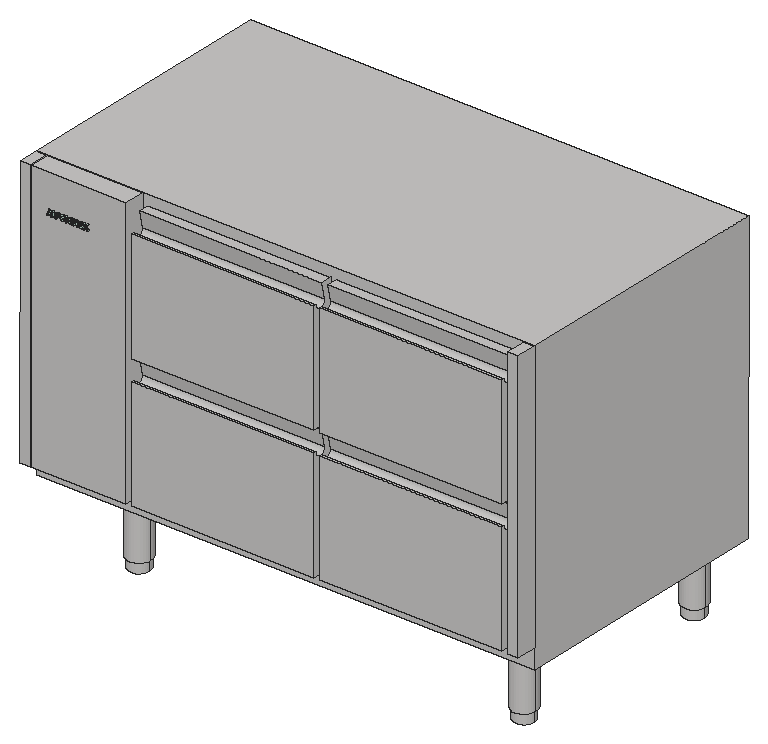
Revit family "QF_ALPENINOX_712835_AHR2RL", category Attrezzature speciali, Revit 2018
Family settings
  Quota connettore circolare = Usa diametro
  Tipo di parte = Normale
  Basato su piano di lavoro = No
  Sempre verticale = Sì
  Taglio con vuoti quando caricato = No
  Condiviso = No
  Punto di calcolo locali = No
Parameters (values of type "Standard")
  Weight = 111.00 kg
  Watts = 30 W
  Volts = 220 V
  URL Manufacturer = "http://www.alpeninox.com"
  URL = "http://www.alpeninox.com"
  Steam Supply Size = 0 mm
  Steam Supply Minimum Pressure = 0.0 Pa
  Steam Supply Maximum Pressure = 0.0 Pa
  Steam Consumption per Hour = 0
  Refrigeration Suction Line Size = 9.5 mm
  Refrigeration Liquid Line Size = 8 mm
  Refrigerant Compressor Remote = yes
  Produttore = "Alpeninox"
  Phase = 1
  Modello = "AHR2RL"
  Length Actual = 1203 mm  # constant formula
  Item Number = "712835"
  Hot Water Size = 0 mm
  Height Actual = 850 mm  # constant formula
  HP = "0 HP"
  Gas Size = 0 mm
  Gas KW = 0
  Gas Input Pressure = 0 W
  Direct Waste Size = 0 mm
  Descrizione = "REFR.COUNTER 290L 4x1/2DRW NOTOP REM CU_LFT GALV"
  Depth Actual = 700 mm  # constant formula
  Cycle = 50 Hz
  Condensate Return Size = 0 mm
  Compressed Air Volume = 0.0 L/s
  Compressed Air Size = 0 mm
  Compressed Air Pressure = 0.0 Pa
  Cold Water Size = 0 mm
  Accessory = yes
Types (2, lengths in mm): name | URL | Refrigeration Suction Line Size | Refrigeration Liquid Line Size | Produttore | Phase | Modello | Descrizione
  (no name) | 0 | 0 | 0 | 0 | 0 | 0 | 0
  Standard | "http://www.alpeninox.com" | 9.5 | 8 | "Alpeninox" | 1 | "AHR2RL" | "REFR.COUNTER 290L 4x1/2DRW NOTOP REM CU_LFT GALV"
Values of the unnamed type that differ from the named types
  Weight = 0.00 kg
  Watts = 0 W
  Volts = 0 V
  URL Manufacturer = ""
  Item Number = ""
  HP = ""
  Cycle = 0 Hz
Reference planes
  plane 1: z = 0
  plane 2 "Center (Left/Right)": x = -124.5
  plane 3 "Center (Front/Back)": y = 64.5
  plane 4 "FEET": z = 150
  plane 5 "TOP": z = 900
  plane 6 "PLAIN": z = 850
  plane 7 "EI_back": y = -116
  plane 8 "EI_left": x = -598
  plane 9 "BACK": y = 412
  plane 10 "FRONT": y = -283
  plane 11 "DOOR": y = -233
  plane 12 "LEFT": x = -726
  plane 13 "RIGHT": x = 477
  plane 14: x = -701
  plane 15: x = 452
  plane 16 "RO_left": x = -645
  plane 17 "RI_left": x = -620
  plane 18 "RO_back": y = 39
  plane 19 "RI_back": y = 39
  plane 20 "DRAINleft": x = -660
  plane 21 "DRAINback": y = 164
Forms (mm)
  Extrusion 1, solid, material "QF_Finishes_Stainless Steel"
    sketch origin (-1022.223, -1524, 150) x (-1, 0, 0) y (0, -1, 0)
      loop
        circle (-424.223, -1408) r 5
    from 0 to -40
  Extrusion 2, solid, material "QF_Finishes_Stainless Steel"
    sketch origin (-1022.223, -1524, 150) x (-1, 0, 0) y (0, -1, 0)
      loop
        line (-1474.223, -1291) -> (-1474.223, -1241) -> (-1499.223, -1241) -> (-1499.223, -1291) -> (-1474.223, -1291)
    from 48 to 700
  Extrusion 3, solid, material "QF_Finishes_Stainless Steel"
    sketch origin (-1022.223, -1524, 150) x (-1, 0, 0) y (0, -1, 0)
      loop
        circle (-377.223, -1563) r 4.25
    from 0 to -20
  Extrusion 4, solid, material "QF_Finishes_Stainless Steel"
    sketch origin (-1022.223, -1524, 150) x (-1, 0, 0) y (0, -1, 0)
      loop
        circle (-402.223, -1563) r 4
    from 0 to -20
  Extrusion 5, solid, material "QF_Finishes_Stainless Steel"
    sketch origin (-1022.223, -1524, 150) x (-1, 0, 0) y (0, -1, 0)
      loop
        circle (-362.223, -1688) r 8.5
    from 0 to -40
  Extrusion 6, solid, material "QF_Finishes_Stainless Steel"
    sketch origin (-1022.223, -1524, 150) x (-1, 0, 0) y (0, -1, 0)
      loop
        line (-296.223, -1936) -> (-296.223, -1291) -> (-1499.223, -1291) -> (-1499.223, -1936) -> (-296.223, -1936)
    from 0 to 700
  Extrusion 7, solid, material "QF_Finishes_Stainless Steel"
    sketch origin (773.223, -1524, 150) x (1, 0, 0) y (0, 1, 0)
      loop
        line (-1474.223, 1291) -> (-1499.223, 1291) -> (-1499.223, 1241) -> (-1474.223, 1241) -> (-1474.223, 1291)
    from 48 to 700
Lines and regions (mm)
  symbolic lines, style "SpecialityEquipmentHiddenLines"
    curve 1: line (-726, 412, 150) -> (477, 412, 150)
    curve 2: line (-726, -283, 150) -> (-726, 412, 150)
    curve 3: line (477, -283, 150) -> (-726, -283, 150)
    curve 4: line (477, 412, 150) -> (477, -283, 150)
    curve 5: line (-726, -233, 150) -> (477, -233, 150)
    curve 6: line (452, -233, 150) -> (452, -283, 150)
    curve 7: line (-701, -233, 150) -> (-701, -283, 150)
Dimensions and locks
  plane 4 "FEET" to level = 150 mm
  plane 11 "DOOR" to plane 10 "FRONT" = 50 mm
  plane 6 "PLAIN" to plane 4 "FEET" = 700 mm
  plane 5 "TOP" to plane 6 "PLAIN" = 50 mm
  plane 12 "LEFT" to plane 14 = 25 mm
  plane 15 to plane 13 "RIGHT" = 25 mm
  plane 9 "BACK" to plane 18 "RO_back" = 373 mm
  plane 9 "BACK" to plane 7 "EI_back" = 528 mm
  plane 9 "BACK" to plane 19 "RI_back" = 373 mm
  plane 9 "BACK" to plane 21 "DRAINback" = 248 mm
  plane 12 "LEFT" to plane 20 "DRAINleft" = 66 mm
  plane 12 "LEFT" to plane 8 "EI_left" = 128 mm
  plane 12 "LEFT" to plane 17 "RI_left" = 106 mm
  plane 12 "LEFT" to plane 16 "RO_left" = 81 mm
  plane 9 "BACK" to plane 10 "FRONT" = 695 mm
  equal spacing: plane 9 "BACK", plane 3 "Center (Front/Back)", plane 10 "FRONT"
  plane 12 "LEFT" to plane 13 "RIGHT" = 1203 mm
  equal spacing: plane 12 "LEFT", plane 2 "Center (Left/Right)", plane 13 "RIGHT"
  aligned and locked: level to plane 1
Automatic sketch dimensions
  Extrusion 1 sketch curve to plane 7 "EI_back" = 0 mm
  Extrusion 1 sketch curve to plane 8 "EI_left" = 0 mm
  Extrusion 2 sketch curve to plane 11 "DOOR" = 0 mm
  Extrusion 2 sketch curve to plane 13 "RIGHT" = 0 mm
  Extrusion 2 sketch curve to plane 10 "FRONT" = 0 mm
  Extrusion 2 sketch curve to plane 15 = 0 mm
  Extrusion 3 sketch curve to plane 16 "RO_left" = 0 mm
  Extrusion 3 sketch curve to plane 18 "RO_back" = 0 mm
  Extrusion 5 sketch curve to plane 20 "DRAINleft" = 0 mm
  Extrusion 5 sketch curve to plane 21 "DRAINback" = 0 mm
  Extrusion 6 sketch curve to plane 9 "BACK" = 0 mm
  Extrusion 6 sketch curve to plane 13 "RIGHT" = 0 mm
  Extrusion 6 sketch curve to plane 11 "DOOR" = 0 mm
  Extrusion 6 sketch curve to plane 12 "LEFT" = 0 mm
  curve 4 to plane 10 "FRONT" = 0 mm
  curve 4 to plane 13 "RIGHT" = 0 mm
  curve 6 to plane 11 "DOOR" = 0 mm
  curve 6 to plane 15 = 0 mm
  curve 7 to plane 14 = 0 mm
  curve 3 to plane 12 "LEFT" = 0 mm
  curve 1 to plane 9 "BACK" = 0 mm
  Extrusion 7 sketch curve to plane 11 "DOOR" = 0 mm
  Extrusion 7 sketch curve to plane 12 "LEFT" = 0 mm
  Extrusion 7 sketch curve to plane 10 "FRONT" = 0 mm
  Extrusion 7 sketch curve to plane 14 = 0 mm
  Extrusion 4 sketch curve to plane 17 "RI_left" = 0 mm
  Extrusion 4 sketch curve to plane 19 "RI_back" = 0 mm
  radius of Extrusion 1 sketch curve = 5 mm
  radius of Extrusion 3 sketch curve = 4.25 mm
  radius of Extrusion 5 sketch curve = 8.5 mm
  radius of Extrusion 4 sketch curve = 4 mm
Nested families
  nested 1: "HPP_Refrigerator" at (477, -283, 0), type "HPP_Refrigerator"
  nested 2: "HPP_FEET" at (-519, 331, 0), type "HPP_FEET"
  nested 3: "HPP_FEET" at (411, 331, 0), type "HPP_FEET"
  nested 4: "HPP_FEET" at (-519, -183, 0), type "HPP_FEET"
  nested 5: "HPP_FEET" at (411, -183, 0), type "HPP_FEET"
  nested 6: "HPP_APX_REM_TN_L" at (-506.58, -233, 598) x (1, 0, 0) z (0, -1, 0), type "HPP_APX_REM_TN_L"
    with Show Logo yes
  nested 7: "HPP_APX_HALF" at (-236, -233, 512) x (1, 0, 0) z (0, -1, 0), type "HPP_APX_HALF"
    with Show Clearance yes
  nested 8: "HPP_APX_HALF" at (218, -233, 512) x (1, 0, 0) z (0, -1, 0), type "HPP_APX_HALF"
    with Show Clearance yes
Connectors
  electrical at (-598, -116, 110), driven by "Volts"
    settings: on Extrusion 1, index 1, voltage 220 V, apparent load 0 VA, apparent load phase1 0 VA, apparent load phase2 0 VA, apparent load phase3 0 VA, power factor 1, load classification "Other", number of poles 1, system type 31, power factor state 1, is connector primary yes, connector utility no, sub classification motor no, connector description "Electrical Connection"
  piping at (-645, 39, 130), diameter 9.5, driven by "Refrigeration Suction Line Size"
    settings: on Extrusion 3, index 3, connector inside diameter 609.6 mm, connector length 0 mm, flow factor 0, pipe flow 0.0 L/s, pressure drop 0.0 Pa, fitting loss kfactor 0, connector angle 0.00°, fixture units 0, engagement length 0 mm, angle of deflection 0.00°, flow configuration 1, flow direction 2, fitting loss method 0, system type 8, joint type 0, gender type 0, connector reference index -1, connector utility 0, adjustable connector no, is connector primary yes, connector description "Refrigerant Outlet"
  piping at (-620, 39, 130), diameter 8, driven by "Refrigeration Liquid Line Size"
    settings: on Extrusion 4, index 4, connector inside diameter 609.6 mm, connector length 0 mm, flow factor 0, pipe flow 0.0 L/s, pressure drop 0.0 Pa, fitting loss kfactor 0, connector angle 0.00°, fixture units 0, engagement length 0 mm, angle of deflection 0.00°, flow configuration 1, flow direction 1, fitting loss method 0, system type 7, joint type 0, gender type 0, connector reference index -1, connector utility 0, adjustable connector no, is connector primary no, connector description "Refrigerant Inlet"
  piping at (-660, 164, 110), diameter 17
    settings: on Extrusion 5, index 5, connector inside diameter 609.6 mm, connector length 0 mm, flow factor 0, pipe flow 0.0 L/s, pressure drop 0.0 Pa, fitting loss kfactor 0, connector angle 0.00°, fixture units 0, engagement length 0 mm, angle of deflection 0.00°, flow configuration 1, flow direction 2, fitting loss method 0, system type 16, joint type 0, gender type 0, connector reference index -1, connector utility 0, adjustable connector no, is connector primary no, connector description "Drain"
Definition of nested family "HPP_FEET"
  Parameters
    FEET = 150 mm
  Reference planes
    plane 1 "Center (Front/Back)": y = 0
    plane 2: z = 0
    plane 3 "Center (Left/Right)": x = 0
    plane 4: z = 150
  Forms (mm)
    Revolve 1, solid
      sketch origin (255.05, 0, 608.09) x (0, 0, 1) y (-1, 0, 0)
        loop
          line (-608.09, 255.05) -> (-608.09, 230.05) -> (-583.09, 230.05) -> (-583.09, 226.05) -> (-458.09, 226.05) -> (-458.09, 255.05) -> (-608.09, 255.05)
        axis (-608.09, 255.05) -> (-458.09, 255.05)
      angle from 0 to 360
  Dimensions and locks
    locked: Revolve 1 sketch curve to Revolve 1 sketch curve at 125
    "FEET": plane 4 to plane 2
    aligned and locked: level to plane 2
    aligned and locked: plane 4 to Revolve 1 sketch curve
    aligned and locked: Revolve 1 sketch curve to level
    aligned and locked: plane 3 "Center (Left/Right)" to Revolve 1 sketch curve
  Automatic sketch dimensions
    Revolve 1 sketch curve to plane 3 "Center (Left/Right)" = 0 mm
    Revolve 1 sketch curve to Revolve 1 sketch curve = 25 mm
    Revolve 1 sketch curve to Revolve 1 sketch curve = 29 mm
    plane 4 to Revolve 1 sketch curve = 50 mm
    Revolve 1 sketch curve to Revolve 1 sketch curve = 20 mm
Definition of nested family "HPP_APX_REM_TN_L"
  Parameters
    Show Logo [instance] = yes
    Default Elevation = 1219.2 mm
  Reference planes
    plane 1 "Center (Front/Back)": y = -74
    plane 2: z = 0
    plane 3 "Center (Left/Right)": x = -78.92
    plane 4: x = -194.42
    plane 5: x = 36.58
    plane 6: y = 252
    plane 7: y = -400
  Forms (mm)
    Extrusion 1, solid
      sketch origin (0, 0, 0) x (1, 0, 0) y (0, 1, 0)
        loop
          line (-1219.2, 1219.2) -> (-1219.2, -1219.2) -> (1219.2, -1219.2) -> (1219.2, 1219.2) -> (-1219.2, 1219.2)
      from 0 to -304.8
    Extrusion 2, solid
      sketch origin (0, 0, 0) x (1, 0, 0) y (0, 1, 0)
        loop
          line (-194.42, 252) -> (-194.42, -400) -> (36.58, -400) -> (36.58, 252) -> (-194.42, 252)
      from 0 to 50
    Extrusion 3, solid
      sketch origin (18.272, 0.892, 0) x (1, 0, 0) y (0, 1, 0)
        loop
          line (-168.675, 170.349) -> (-172.411, 160.318)
          arc (-172.411, 160.318) -> (-171.624, 158.497) -> (-169.837, 159.36) r 1.374
          line (-169.837, 159.36) -> (-169.268, 161.111) -> (-164.1, 161.111) -> (-163.54, 159.379)
          arc (-163.54, 159.379) -> (-161.802, 158.542) -> (-161.049, 160.318) r 1.333
          line (-161.049, 160.318) -> (-164.694, 170.349)
          arc (-164.694, 170.349) -> (-166.685, 171.876) -> (-168.675, 170.349) r 2.06
        loop
          line (-166.681, 169.055) -> (-168.469, 163.655) -> (-164.935, 163.655) -> (-166.681, 169.055)
        loop
          arc (-159.705, 160.042) -> (-159.262, 158.973) -> (-158.194, 158.531) r 1.512
          line (-158.194, 158.531) -> (-153.608, 158.531)
          arc (-153.608, 158.531) -> (-152.337, 159.802) -> (-153.608, 161.074) r 1.272
          line (-153.608, 161.074) -> (-156.917, 161.074) -> (-156.917, 170.328)
          arc (-156.917, 170.328) -> (-158.311, 171.722) -> (-159.705, 170.328) r 1.394
          line (-159.705, 170.328) -> (-159.705, 160.042)
        loop
          line (-151.076, 170.218) -> (-151.076, 159.859)
          arc (-151.076, 159.859) -> (-149.683, 158.466) -> (-148.29, 159.859) r 1.393
          line (-148.29, 159.859) -> (-148.29, 162.882) -> (-146.225, 162.882)
          arc (-146.225, 162.882) -> (-142.999, 163.859) -> (-141.608, 166.928) r 4.082
          arc (-141.608, 166.928) -> (-142.993, 170.272) -> (-146.336, 171.657) r 4.728
          line (-146.336, 171.657) -> (-149.638, 171.657)
          arc (-149.638, 171.657) -> (-150.655, 171.235) -> (-151.076, 170.218) r 1.439
        loop
          line (-148.29, 165.313) -> (-146.388, 165.313)
          arc (-146.388, 165.313) -> (-144.433, 167.268) -> (-146.388, 169.222) r 1.955
          line (-146.388, 169.222) -> (-148.29, 169.222) -> (-148.29, 165.313)
        loop
          arc (-131.184, 166.332) -> (-132.004, 168.2) -> (-133.767, 169.228) r 3.3
          arc (-133.767, 169.228) -> (-136.353, 168.661) -> (-137.611, 166.332) r 3.176
          line (-137.611, 166.332) -> (-131.184, 166.332)
        loop
          line (-137.538, 163.743) -> (-130.544, 163.743)
          arc (-130.544, 163.743) -> (-129.292, 163.916) -> (-128.301, 164.701) r 2.4
          arc (-128.301, 164.701) -> (-128.155, 165.545) -> (-128.212, 166.399) r 3.635
          arc (-128.212, 166.399) -> (-130.364, 170.162) -> (-134.39, 171.769) r 6.579
          arc (-134.39, 171.769) -> (-138.918, 169.706) -> (-140.661, 165.044) r 6.501
          arc (-140.661, 165.044) -> (-139.276, 160.789) -> (-135.401, 158.549) r 6.252
          arc (-135.401, 158.549) -> (-132.922, 158.526) -> (-130.544, 159.232) r 8.361
          arc (-130.544, 159.232) -> (-129.466, 159.781) -> (-128.641, 160.666) r 3.486
          arc (-128.641, 160.666) -> (-128.419, 161.592) -> (-128.828, 162.451) r 1.425
          arc (-128.828, 162.451) -> (-129.368, 162.762) -> (-129.99, 162.762) r 1.203
          arc (-129.99, 162.762) -> (-130.406, 162.59) -> (-130.764, 162.316) r 1.724
          arc (-130.764, 162.316) -> (-131.666, 161.705) -> (-132.646, 161.229) r 7.6
          arc (-132.646, 161.229) -> (-135.676, 161.35) -> (-137.538, 163.743) r 3.6
        loop
          line (-126.669, 170.328) -> (-126.669, 159.859)
          arc (-126.669, 159.859) -> (-125.273, 158.463) -> (-123.878, 159.859) r 1.396
          line (-123.878, 159.859) -> (-123.878, 166.785) -> (-117.946, 159.029)
          arc (-117.946, 159.029) -> (-116.361, 158.51) -> (-115.379, 159.859) r 1.417
          line (-115.379, 159.859) -> (-115.379, 170.328)
          arc (-115.379, 170.328) -> (-116.774, 171.723) -> (-118.169, 170.328) r 1.395
          line (-118.169, 170.328) -> (-118.169, 163.311) -> (-124.101, 171.157)
          arc (-124.101, 171.157) -> (-125.687, 171.678) -> (-126.669, 170.328) r 1.418
        loop
          arc (-113.636, 159.859) -> (-112.241, 158.464) -> (-110.847, 159.859) r 1.394
          line (-110.847, 159.859) -> (-110.847, 170.328)
          arc (-110.847, 170.328) -> (-112.241, 171.723) -> (-113.636, 170.328) r 1.394
          line (-113.636, 170.328) -> (-113.636, 159.859)
        loop
          line (-109.102, 170.328) -> (-109.102, 159.859)
          arc (-109.102, 159.859) -> (-107.706, 158.463) -> (-106.31, 159.859) r 1.396
          line (-106.31, 159.859) -> (-106.31, 166.785) -> (-100.378, 159.029)
          arc (-100.378, 159.029) -> (-98.793, 158.51) -> (-97.812, 159.859) r 1.417
          line (-97.812, 159.859) -> (-97.812, 170.328)
          arc (-97.812, 170.328) -> (-99.207, 171.723) -> (-100.602, 170.328) r 1.395
          line (-100.602, 170.328) -> (-100.602, 163.311) -> (-106.533, 171.157)
          arc (-106.533, 171.157) -> (-108.119, 171.678) -> (-109.102, 170.328) r 1.418
        loop
          arc (-96.345, 165.093) -> (-95.619, 161.877) -> (-93.467, 159.379) r 6.806
          arc (-93.467, 159.379) -> (-91.792, 158.566) -> (-89.948, 158.31) r 5.956
          arc (-89.948, 158.31) -> (-88.104, 158.566) -> (-86.43, 159.379) r 5.956
          arc (-86.43, 159.379) -> (-84.277, 161.877) -> (-83.551, 165.093) r 6.806
          arc (-83.551, 165.093) -> (-84.277, 168.31) -> (-86.43, 170.808) r 6.806
          arc (-86.43, 170.808) -> (-88.104, 171.621) -> (-89.948, 171.877) r 5.956
          arc (-89.948, 171.877) -> (-91.792, 171.621) -> (-93.467, 170.808) r 5.956
          arc (-93.467, 170.808) -> (-95.619, 168.31) -> (-96.345, 165.093) r 6.806
        loop
          arc (-93.425, 165.093) -> (-93.138, 163.212) -> (-92.081, 161.629) r 4.387
          arc (-92.081, 161.629) -> (-91.087, 161.049) -> (-89.948, 160.881) r 3.035
          arc (-89.948, 160.881) -> (-88.809, 161.049) -> (-87.815, 161.629) r 3.035
          arc (-87.815, 161.629) -> (-86.759, 163.212) -> (-86.472, 165.093) r 4.387
          arc (-86.472, 165.093) -> (-86.759, 166.975) -> (-87.815, 168.558) r 4.387
          arc (-87.815, 168.558) -> (-88.809, 169.138) -> (-89.948, 169.306) r 3.035
          arc (-89.948, 169.306) -> (-91.087, 169.138) -> (-92.081, 168.558) r 3.035
          arc (-92.081, 168.558) -> (-93.138, 166.975) -> (-93.425, 165.093) r 4.387
        loop
          line (-82.843, 169.609) -> (-79.829, 165.552) -> (-83.513, 160.652)
          arc (-83.513, 160.652) -> (-83.216, 158.692) -> (-81.262, 159.029) r 1.388
          line (-81.262, 159.029) -> (-78.213, 163.232) -> (-75.164, 159.029)
          arc (-75.164, 159.029) -> (-73.211, 158.692) -> (-72.913, 160.652) r 1.388
          line (-72.913, 160.652) -> (-76.597, 165.552) -> (-73.584, 169.609)
          arc (-73.584, 169.609) -> (-73.952, 171.597) -> (-75.908, 171.084) r 1.38
          line (-75.908, 171.084) -> (-78.213, 167.841) -> (-80.519, 171.084)
          arc (-80.519, 171.084) -> (-82.474, 171.597) -> (-82.843, 169.609) r 1.38
      from 50 to 51.6
  Lines and regions (mm)
    Split face 1
      outline origin (0, 0, 50) x (1, 0, 0) y (0, 1, 0)
        loop
          line (36.58, 183) -> (-147.92, 183)
          arc (-147.92, 183) -> (-165.42, 165.5) -> (-147.92, 148) r 17.5
          line (-147.92, 148) -> (36.58, 148)
    Split face 2
      outline origin (12.5, 0, 50) x (1, 0, 0) y (0, 1, 0)
        loop
          line (-55.92, 177) -> (-55.92, 154) -> (14.08, 154) -> (14.08, 177) -> (-55.92, 177)
    Split face 3
      outline origin (12.5, 0, 50) x (1, 0, 0) y (0, 1, 0)
        loop
          line (-5.92, 174) -> (-5.92, 157) -> (11.08, 157) -> (11.08, 174) -> (-5.92, 174)
    Split face 4
      outline origin (0, 0, 50) x (1, 0, 0) y (0, 1, 0)
        loop
          line (-194.42, 188) -> (36.58, 188)
        loop
          line (-194.42, 143) -> (36.58, 143)
    symbolic lines
      curve 1: line (36.58, -74, 50) -> (36.58, -74, 0)
  Dimensions and locks
    equal spacing: plane 6, plane 1 "Center (Front/Back)", plane 7
    plane 4 to plane 5 = 231 mm
    equal spacing: plane 4, plane 3 "Center (Left/Right)", plane 5
    plane 6 to plane 7 = 652 mm
    aligned and locked: plane 2 to Extrusion 1
    aligned and locked: level to Extrusion 1
  Automatic sketch dimensions
    Extrusion 1 sketch curve to Extrusion 1 sketch curve = 2438.4 mm  (x2)
    Extrusion 2 sketch curve to plane 4 = 0 mm
    Extrusion 2 sketch curve to plane 5 = 0 mm
    Extrusion 2 sketch curve to plane 7 = 0 mm
    Extrusion 2 sketch curve to plane 6 = 0 mm
    Split face 1 sketch curve to Extrusion 2 = 0 mm  (x2)
    Split face 1 sketch curve to Extrusion 2 = 46.5 mm
    Split face 1 sketch curve to Extrusion 2 = 86.5 mm
    Split face 1 sketch curve to Split face 1 sketch curve = 17.5 mm
    Split face 2 sketch curve to Extrusion 2 = 80 mm
    Split face 2 sketch curve to Extrusion 2 = 10 mm
    Split face 2 sketch curve to Extrusion 2 = 98 mm
    Split face 2 sketch curve to Split face 2 sketch curve = 23 mm
    Split face 3 sketch curve to Extrusion 2 = 30 mm
    Split face 3 sketch curve to Split face 3 sketch curve = 17 mm  (x2)
    Split face 3 sketch curve to Extrusion 2 = 95 mm
    curve 1 to level = 0 mm
    curve 1 to plane 5 = 0 mm
    curve 1 to curve 1 = 50 mm
    plane 4 to Extrusion 3 sketch curve = 40.282 mm
    Extrusion 3 sketch curve to Extrusion 3 sketch curve = 1.266 mm
    Extrusion 3 sketch curve to Extrusion 3 sketch curve = 1.307 mm
    Extrusion 3 sketch curve to Extrusion 3 sketch curve = 0.57 mm
    Extrusion 3 sketch curve to Extrusion 3 sketch curve = 0.593 mm
    Extrusion 3 sketch curve to Extrusion 3 sketch curve = 0.799 mm
    Extrusion 3 sketch curve to Extrusion 3 sketch curve = 1.99 mm  (x2)
    Extrusion 3 sketch curve to Extrusion 3 sketch curve = 0.003 mm
    Extrusion 3 sketch curve to Extrusion 3 sketch curve = 3.534 mm
    Extrusion 3 sketch curve to Extrusion 3 sketch curve = 0.835 mm
    Extrusion 3 sketch curve to Extrusion 3 sketch curve = 0.56 mm
    Extrusion 3 sketch curve to Extrusion 3 sketch curve = 1.268 mm
    Extrusion 3 sketch curve to Extrusion 3 sketch curve = 1.223 mm
    Extrusion 3 sketch curve to Extrusion 3 sketch curve = 1.344 mm
    Extrusion 3 sketch curve to Extrusion 3 sketch curve = 1.394 mm  (x2)
    Extrusion 3 sketch curve to Extrusion 3 sketch curve = 1.512 mm
    Extrusion 3 sketch curve to Extrusion 3 sketch curve = 3.309 mm
    Extrusion 3 sketch curve to Extrusion 3 sketch curve = 5.841 mm
    Extrusion 3 sketch curve to Extrusion 3 sketch curve = 1.393 mm
    Extrusion 3 sketch curve to Extrusion 3 sketch curve = 1.439 mm
    Extrusion 3 sketch curve to Extrusion 3 sketch curve = 0 mm  (x18)
    Extrusion 3 sketch curve to Extrusion 3 sketch curve = 1.902 mm
    Extrusion 3 sketch curve to Extrusion 3 sketch curve = 0.052 mm
    Extrusion 3 sketch curve to Extrusion 3 sketch curve = 2.065 mm
    Extrusion 3 sketch curve to Extrusion 3 sketch curve = 0.647 mm
    Extrusion 3 sketch curve to Extrusion 3 sketch curve = 8.079 mm
    Extrusion 3 sketch curve to Extrusion 3 sketch curve = 0.073 mm
    Extrusion 3 sketch curve to Extrusion 3 sketch curve = 2.145 mm
    Extrusion 3 sketch curve to Extrusion 3 sketch curve = 2.931 mm
    Extrusion 3 sketch curve to Extrusion 3 sketch curve = 0.213 mm
    Extrusion 3 sketch curve to Extrusion 3 sketch curve = 0.026 mm
    Extrusion 3 sketch curve to Extrusion 3 sketch curve = 0.263 mm
    Extrusion 3 sketch curve to Extrusion 3 sketch curve = 0.516 mm
    Extrusion 3 sketch curve to Extrusion 3 sketch curve = 0.356 mm
    Extrusion 3 sketch curve to Extrusion 3 sketch curve = 0.387 mm
    Extrusion 3 sketch curve to Extrusion 3 sketch curve = 2.378 mm
    Extrusion 3 sketch curve to Extrusion 3 sketch curve = 2.466 mm
    Extrusion 3 sketch curve to Extrusion 3 sketch curve = 0.602 mm
    Extrusion 3 sketch curve to Extrusion 3 sketch curve = 1.02 mm
    Extrusion 3 sketch curve to Extrusion 3 sketch curve = 0.949 mm
    Extrusion 3 sketch curve to Extrusion 3 sketch curve = 1.728 mm
    Extrusion 3 sketch curve to Extrusion 3 sketch curve = 0.157 mm  (x2)
    Extrusion 3 sketch curve to Extrusion 3 sketch curve = 0.292 mm
    Extrusion 3 sketch curve to Extrusion 3 sketch curve = 3.565 mm
    Extrusion 3 sketch curve to Extrusion 3 sketch curve = 1.396 mm  (x2)
    Extrusion 3 sketch curve to Extrusion 3 sketch curve = 1.418 mm  (x2)
    Extrusion 3 sketch curve to Extrusion 3 sketch curve = 1.151 mm  (x2)
    Extrusion 3 sketch curve to Extrusion 3 sketch curve = 5.709 mm  (x2)
    Extrusion 3 sketch curve to Extrusion 3 sketch curve = 0.224 mm  (x2)
    Extrusion 3 sketch curve to Extrusion 3 sketch curve = 1.149 mm  (x2)
    Extrusion 3 sketch curve to Extrusion 3 sketch curve = 1.395 mm  (x2)
    Extrusion 3 sketch curve to Extrusion 3 sketch curve = 1.744 mm
    Extrusion 3 sketch curve to Extrusion 3 sketch curve = 1.745 mm
    plane 3 "Center (Left/Right)" to Extrusion 3 sketch curve = 6.343 mm
    Extrusion 3 sketch curve to Extrusion 3 sketch curve = 0.493 mm  (x3)
    Extrusion 3 sketch curve to Extrusion 3 sketch curve = 0.273 mm  (x2)
    Extrusion 3 sketch curve to Extrusion 3 sketch curve = 0.021 mm  (x2)
    Extrusion 3 sketch curve to Extrusion 3 sketch curve = 0.226 mm  (x2)
    Extrusion 3 sketch curve to Extrusion 3 sketch curve = 0.268 mm  (x2)
    Extrusion 3 sketch curve to Extrusion 3 sketch curve = 0.294 mm
    Extrusion 3 sketch curve to Extrusion 3 sketch curve = 5.534 mm
    Extrusion 3 sketch curve to Extrusion 3 sketch curve = 6.205 mm
    Extrusion 3 sketch curve to Extrusion 3 sketch curve = 1.109 mm  (x2)
    Extrusion 3 sketch curve to Extrusion 3 sketch curve = 1.108 mm  (x2)
    Extrusion 3 sketch curve to Extrusion 3 sketch curve = 1.142 mm  (x2)
    Extrusion 3 sketch curve to Extrusion 3 sketch curve = 1.216 mm  (x2)
    Extrusion 3 sketch curve to Extrusion 3 sketch curve = 3.013 mm
    Extrusion 3 sketch curve to Extrusion 3 sketch curve = 1.616 mm  (x3)
    Extrusion 3 sketch curve to Extrusion 3 sketch curve = 2.305 mm
    Extrusion 3 sketch curve to Extrusion 3 sketch curve = 3.049 mm
    Extrusion 3 sketch curve to plane 6 = 92.577 mm
    Extrusion 3 sketch curve to Extrusion 3 sketch curve = 0.498 mm
    Extrusion 3 sketch curve to Extrusion 3 sketch curve = 0.682 mm
    Extrusion 3 sketch curve to Extrusion 3 sketch curve = 0.664 mm
    Extrusion 3 sketch curve to Extrusion 3 sketch curve = 0.425 mm
    Extrusion 3 sketch curve to Extrusion 3 sketch curve = 0.41 mm
    Extrusion 3 sketch curve to Extrusion 3 sketch curve = 1.272 mm
    Extrusion 3 sketch curve to Extrusion 3 sketch curve = 0.789 mm  (x2)
    Extrusion 3 sketch curve to Extrusion 3 sketch curve = 0.056 mm
    Extrusion 3 sketch curve to Extrusion 3 sketch curve = 0.83 mm
    Extrusion 3 sketch curve to Extrusion 3 sketch curve = 1.238 mm
    Extrusion 3 sketch curve to Extrusion 3 sketch curve = 1.732 mm
    Extrusion 3 sketch curve to Extrusion 3 sketch curve = 0.346 mm
    Extrusion 3 sketch curve to Extrusion 3 sketch curve = 1.123 mm
    Extrusion 3 sketch curve to Extrusion 3 sketch curve = 3.023 mm
    Extrusion 3 sketch curve to Extrusion 3 sketch curve = 4.203 mm
    Extrusion 3 sketch curve to Extrusion 3 sketch curve = 3.452 mm  (x2)
    Extrusion 3 sketch curve to Extrusion 3 sketch curve = 2.544 mm
    Extrusion 3 sketch curve to Extrusion 3 sketch curve = 1.177 mm
    Extrusion 3 sketch curve to Extrusion 3 sketch curve = 3.261 mm
    Extrusion 3 sketch curve to Extrusion 3 sketch curve = 0.352 mm  (x2)
    Extrusion 3 sketch curve to Extrusion 3 sketch curve = 1.987 mm
    Extrusion 3 sketch curve to Extrusion 3 sketch curve = 0.171 mm
    Extrusion 3 sketch curve to Extrusion 3 sketch curve = 0.533 mm  (x3)
    Extrusion 3 sketch curve to Extrusion 3 sketch curve = 0.14 mm  (x4)
    Extrusion 3 sketch curve to Extrusion 3 sketch curve = 0.473 mm
    Extrusion 3 sketch curve to Extrusion 3 sketch curve = 0.31 mm  (x2)
    Extrusion 3 sketch curve to Extrusion 3 sketch curve = 0.075 mm
    Extrusion 3 sketch curve to Extrusion 3 sketch curve = 2.431 mm
    Extrusion 3 sketch curve to Extrusion 3 sketch curve = 2.32 mm  (x2)
    Extrusion 3 sketch curve to Extrusion 3 sketch curve = 1.992 mm
    Extrusion 3 sketch curve to Extrusion 3 sketch curve = 0.674 mm
    Extrusion 3 sketch curve to Extrusion 3 sketch curve = 0.732 mm
    Extrusion 3 sketch curve to Extrusion 3 sketch curve = 0.388 mm
    Extrusion 3 sketch curve to Extrusion 3 sketch curve = 0.121 mm
    Extrusion 3 sketch curve to Extrusion 3 sketch curve = 2.589 mm
    Extrusion 3 sketch curve to Extrusion 3 sketch curve = 0.662 mm
    Extrusion 3 sketch curve to Extrusion 3 sketch curve = 3.473 mm
    Extrusion 3 sketch curve to Extrusion 3 sketch curve = 0.681 mm
    Extrusion 3 sketch curve to Extrusion 3 sketch curve = 1.615 mm
    Extrusion 3 sketch curve to Extrusion 3 sketch curve = 0.34 mm
    Extrusion 3 sketch curve to Extrusion 3 sketch curve = 2.288 mm
    Extrusion 3 sketch curve to Extrusion 3 sketch curve = 0.942 mm
    Extrusion 3 sketch curve to Extrusion 3 sketch curve = 5.4 mm
    Extrusion 3 sketch curve to Extrusion 3 sketch curve = 1.768 mm  (x2)
    Extrusion 3 sketch curve to Extrusion 3 sketch curve = 0.761 mm
    Extrusion 3 sketch curve to Extrusion 3 sketch curve = 0.996 mm
    Extrusion 3 sketch curve to Extrusion 3 sketch curve = 3.543 mm  (x2)
    Extrusion 3 sketch curve to Extrusion 3 sketch curve = 7.017 mm
    Extrusion 3 sketch curve to Extrusion 3 sketch curve = 0.11 mm
    Extrusion 3 sketch curve to Extrusion 3 sketch curve = 0.823 mm  (x2)
    Extrusion 3 sketch curve to Extrusion 3 sketch curve = 0.947 mm
    Extrusion 3 sketch curve to Extrusion 3 sketch curve = 3.837 mm
    Extrusion 3 sketch curve to Extrusion 3 sketch curve = 0.623 mm
    Extrusion 3 sketch curve to Extrusion 3 sketch curve = 1.082 mm
    Extrusion 3 sketch curve to Extrusion 3 sketch curve = 0.801 mm
    Extrusion 3 sketch curve to Extrusion 3 sketch curve = 1 mm
    Extrusion 3 sketch curve to Extrusion 3 sketch curve = 0.089 mm
    plane 3 "Center (Left/Right)" to Extrusion 3 sketch curve = 0.847 mm
    plane 3 "Center (Left/Right)" to Extrusion 3 sketch curve = 3.726 mm  (x2)
    plane 3 "Center (Left/Right)" to Extrusion 3 sketch curve = 3.767 mm
    plane 3 "Center (Left/Right)" to Extrusion 3 sketch curve = 5.111 mm  (x2)
    plane 3 "Center (Left/Right)" to Extrusion 3 sketch curve = 7.244 mm  (x4)
    Extrusion 3 sketch curve to Extrusion 3 sketch curve = 2.133 mm  (x2)
    Extrusion 3 sketch curve to Extrusion 3 sketch curve = 1.385 mm  (x2)
    Extrusion 3 sketch curve to Extrusion 3 sketch curve = 5.603 mm
    Extrusion 3 sketch curve to Extrusion 3 sketch curve = 2.571 mm
    Split face 4 sketch curve to Extrusion 2 = 0 mm  (x4)
    Split face 4 sketch curve to Extrusion 2 = 109 mm
    Split face 4 sketch curve to Split face 4 sketch curve = 45 mm
Definition of nested family "HPP_APX_HALF"
  Parameters
    Show Clearance [instance] = yes
    Default Elevation = 1219.2 mm
  Reference planes
    plane 1 "Center (Front/Back)": y = 0
    plane 2: z = 0
    plane 3 "Center (Left/Right)": x = 0
    plane 4: x = -234
    plane 5: x = 234
    plane 6: z = 618
  Forms (mm)
    Extrusion 1, solid
      sketch origin (0, 0, 0) x (1, 0, 0) y (0, 1, 0)
        loop
          line (-1219.2, 1219.2) -> (-1219.2, -1219.2) -> (1219.2, -1219.2) -> (1219.2, 1219.2) -> (-1219.2, 1219.2)
      from 0 to -304.8
    Extrusion 2, solid
      sketch origin (0, 0, 0) x (0, 1, 0) y (0, 0, 1)
        loop
          line (314, 0) -> (314, 26) -> (274.395, 17)
          arc (274.395, 17) -> (260.395, 31) -> (274.395, 45) r 14
          line (274.395, 45) -> (274.395, 50) -> (5, 50) -> (5, 0) -> (314, 0)
        loop
          line (-5, 0) -> (-5, 26) -> (-44.605, 17)
          arc (-44.605, 17) -> (-58.605, 31) -> (-44.605, 45) r 14
          line (-44.605, 45) -> (-44.605, 50) -> (-314, 50) -> (-314, 0) -> (-5, 0)
      from -220 to 220
    Extrusion 3, solid, visible <- "Show Clearance", detail levels coarse
      sketch origin (0, 0, 512) x (0, 1, 0) y (0, 0, 1)
        loop
          line (-314, 106) -> (-314, -462) -> (-5, -462) -> (-5, 82) -> (-44.605, 73)
          arc (-44.605, 73) -> (-58.605, 87) -> (-44.605, 101) r 14
          line (-44.605, 101) -> (-44.605, 106) -> (-314, 106)
        loop
          line (314, -462) -> (314, 82) -> (274.395, 73)
          arc (274.395, 73) -> (260.395, 87) -> (274.395, 101) r 14
          line (274.395, 101) -> (274.395, 106) -> (5, 106) -> (5, -462) -> (314, -462)
      from -220 to 220
  Lines and regions (mm)
    symbolic lines
      curve 1: line (220, 0, 139.793) -> (-220, 0, 139.793)
      curve 2: line (220, 0, 174.793) -> (-220, 0, 174.793)
      curve 3: line (220, 0, 259.793) -> (-220, 0, 259.793)
      curve 4: line (220, 0, 294.793) -> (-220, 0, 294.793)
      curve 5: line (191.424, 0, 139.793) -> (191.424, 0, 54.793)
      curve 6: line (-190, 0, 139.793) -> (-190, 0, 54.793)
      curve 7: line (191.424, 0, 259.793) -> (191.424, 0, 174.793)
      curve 8: line (-190, 0, 259.793) -> (-190, 0, 174.793)
      curve 9: line (220, 0, 259.793) -> (220, 0, 294.793)
      curve 10: line (-220, 0, 259.793) -> (-220, 0, 294.793)
      curve 11: line (220, 0, 139.793) -> (220, 0, 174.793)
      curve 12: line (-220, 0, 139.793) -> (-220, 0, 174.793)
  Dimensions and locks
    plane 4 to plane 3 "Center (Left/Right)" to plane 5 = 234 mm locked, 234 mm locked
    plane 6 to level = 618 mm
    aligned and locked: plane 2 to Extrusion 1
    aligned and locked: level to Extrusion 1
Definition of nested family "HPP_Refrigerator"
  Reference planes
    plane 1 "Center (Front/Back)": y = 0
    plane 2: z = 0
    plane 3 "Center (Left/Right)": x = 0
  Lines and regions (mm)
    detail lines, in view "Ref. Level"
      curve 1: spline (-500, 190, 0) -> (-493.185, 166.706, 0) -> (-473.205, 145, 0) -> (-441.421, 126.36, 0) -> (-400, 112.058, 0) -> (-351.764, 103.067, 0) -> (-300, 100, 0) -> (-248.236, 103.067, 0) -> (-200, 112.058, 0) -> (-158.579, 126.36, 0) -> (-126.795, 145, 0) -> (-106.815, 166.706, 0) -> (-100, 190, 0) -> (-106.815, 213.294, 0) -> (-126.795, 235, 0) -> (-158.579, 253.64, 0) -> (-200, 267.942, 0) -> (-248.236, 276.933, 0) -> (-300, 280, 0) -> (-351.764, 276.933, 0) -> (-400, 267.942, 0) -> (-441.421, 253.64, 0) -> (-473.205, 235, 0) -> (-493.185, 213.294, 0) -> (-500, 190, 0)
      curve 2: line (-300, 130, 0) -> (-300, 250, 0)
      curve 3: line (-351.962, 220, 0) -> (-248.038, 160, 0)
      curve 4: line (-351.962, 160, 0) -> (-248.038, 220, 0)
      curve 5: line (-280.884, 246.873, 0) -> (-300, 225, 0)
      curve 6: line (-300, 225, 0) -> (-319.116, 246.873, 0)
      curve 7: line (-330.311, 207.5, 0) -> (-339.696, 234.992, 0)
      curve 8: line (-358.812, 201.882, 0) -> (-330.311, 207.5, 0)
      curve 9: line (-330.311, 172.5, 0) -> (-358.812, 178.118, 0)
      curve 10: line (-339.696, 145.008, 0) -> (-330.311, 172.5, 0)
      curve 11: line (-300, 155, 0) -> (-319.116, 133.127, 0)
      curve 12: line (-280.884, 133.127, 0) -> (-300, 155, 0)
      curve 13: line (-269.689, 172.5, 0) -> (-260.304, 145.008, 0)
      curve 14: line (-241.188, 178.118, 0) -> (-269.689, 172.5, 0)
      curve 15: line (-269.689, 207.5, 0) -> (-241.188, 201.882, 0)
      curve 16: line (-260.304, 234.992, 0) -> (-269.689, 207.5, 0)
